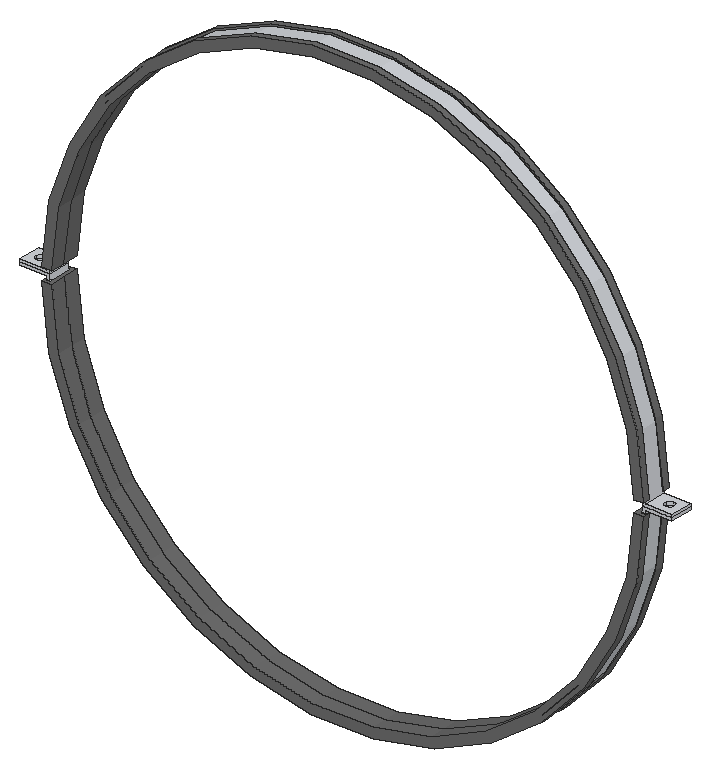
Revit family "Lüftungsrohrschelle, Ø630mm, ohne AG, Gummi", category HLS-Bauteile, Revit 2018
Family settings
  Bemaßung runder Anschluss = Durchmesser verwenden
  Teiletyp = Normal
  Arbeitsebenenbasiert = Ja
  Immer vertikal = Nein
  Beim Laden mit Abzugskörper schneiden = Nein
  Gemeinsam genutzt = Ja
  Raumberechnungspunkt = Nein
Parameters (values of type "Lüftungsrohrschelle, o.AG, o.VS, DN 630, Gummi")
  vpe = "1"
  min. Rohraußendurchmesser = 0 mm
  max. zul. Last vertikal = 0.00 kN
  max. zul. Last horizontal = 0.00 kN
  max. zul. Last = 2.00 kN
  max. Temperaturbeständigkeit = "+100 °C"
  max. Rohraußendurchmesser = 0 mm
  max. Höhe = 621 mm
  für Gewinde = ""
  Default Elevation = 1219.2 mm
  Verschluss-Schraube = ""
  Verschluss = "Mutter / Verschluss-Schraube"
  Stärke Material = 3 mm
  Schalldämmeinlage = "Gummi TPE"
  S = D + 2 * MD + DF2 + DVS  # 686 mm
  Rohraußendurchmesser Zoll = " Zoll"
  Rohraußendurchmesser = 635 mm
  Regelhalter [instance] = ""
  Randabstand Lochung = ""
  RM = R + MD  # 326.5 mm
  R = D0 / 2  # 323.5 mm
  Oberflaeche = "feuerbandverzinkt"
  Nennweite DN Rohr = 630 mm
  Mengeneinheit = "St"
  Materialname = "S235"
  Materialmaße = "25x2,5 mm"
  Material Schalldämmeinlage = "TPE"
  Material = "Stahl"
  MD = 3 mm
  MB = 25 mm
  Lochdurchmesser = "10.5 mm"
  Kurztext2 = "DN 630 ohne Anschluss TPE"
  Kurztext1 = "Lüftungsschelle Standard 25x3"
  Höhe = "657 mm"
  HGA = 0 mm
  H = D + 2 * DS + 2 * MD + AB  # 657 mm
  Gewicht pro Bauteil = Gewicht  # 1.602 kg
  Gewicht = 1.602 kg
  Firma = "MEFA Befestigungs- und Montagesysteme GmbH"
  Farbe Schalldämmeinlage = "Schwarz"
  Fabrikat = "MEFA"
  EAN = "4250928410528"
  Dämmstärke = 6 mm
  DVS = 10 mm
  DS = 6 mm
  DF2 = 35 mm
  DF1 = 25 mm
  D0 = D + 2 * DS  # 647 mm
  D = 635 mm
  Breite Material = "25 mm"
  Breite = 676 mm
  Brandschutz = ""
  Baustoffklasse = "B2"
  Bauart = "zweiteilig"
  B = S + DF1  # 711 mm
  Artikelnummer = "0436300"
  Anschlußhöhe = " mm"
  Anschluss = "ohne Anschluss"
  Achsabstand = "686 mm"
  AB = 4 mm
  A = 0 mm  # constant formula
Reference planes
  plane 1 "Mitte (Vorne/hinten)": y = 0
  plane 2: z = -5
  plane 3 "Mitte (Links/rechts)": x = 0
  plane 4: x = 343
  plane 5: x = -343
  plane 6: x = 355.5
  plane 7: x = -355.5
  plane 8: z = -3
  plane 9: z = -7
  plane 10: z = 321.5
  plane 11: y = 0
Forms (mm)
  Sweep 1, solid, detail levels medium+fine
    path origin (0, 0, 28.791) x (1, 0, 0) y (0, 0, 1)
      loop
        line (355.5, -33.791) -> (323.5, -33.791)
        arc (323.5, -33.791) -> (0, 289.709) -> (-323.5, -33.791) r 323.5
        line (-323.5, -33.791) -> (-355.5, -33.791)
    profile origin (0, 0, 318.5) x (0, 0, -1) y (0, -1, 0)
      loop
        line (-3, -12.5) -> (0, -12.5) -> (0, 12.5) -> (-3, 12.5) -> (-3, -12.5)
  Sweep 2, solid, detail levels medium+fine
    path origin (0, 0, -28.791) x (1, 0, 0) y (0, 0, -1)
      loop
        line (355.5, -23.791) -> (323.5, -23.791)
        arc (323.5, -23.791) -> (0, 299.709) -> (-323.5, -23.791) r 323.5
        line (-323.5, -23.791) -> (-355.5, -23.791)
    profile origin (0, 0, -328.5) x (0, 0, -1) y (0, -1, 0)
      loop
        line (3, -12.5) -> (3, 12.5) -> (0, 12.5) -> (0, -12.5) -> (3, -12.5)
  Extrusion 3, void
    sketch origin (0, 0, -5) x (1, 0, 0) y (0, 1, 0)
      loop
        circle (-343, 0) r 5
      loop
        circle (343, 0) r 5
    from -50 to 50
  Sweep 4, solid, material "TPE", detail levels medium+fine
    path origin (0, 0, 0) x (1, 0, 0) y (0, 0, 1)
      loop
        arc (323.432, 1.629) -> (0, 318.5) -> (-323.432, 1.629) r 323.5
    profile origin (0, 0, 318.5) x (0, 0, -1) y (0, -1, 0)
      loop
        line (0, 0) -> (0, -12.5) -> (-3, -12.5) -> (-3, -10) -> (-5.021, -10) -> (-5.021, -16.985) -> (5.951, -16.985) -> (5.951, 0) -> (5.951, 16.985) -> (-5.021, 16.985) -> (-5.021, 10) -> (-3, 10) -> (-3, 12.5) -> (0, 12.5) -> (0, 0)
  Sweep 5, solid, material "TPE", detail levels medium+fine
    path origin (0, 0, -10) x (1, 0, 0) y (0, 0, -1)
      loop
        arc (323.432, 1.629) -> (0, 318.5) -> (-323.432, 1.629) r 323.5
    profile origin (0, 0, -328.5) x (0, 0, -1) y (0, -1, 0)
      loop
        line (0, 0) -> (0, 12.5) -> (3, 12.5) -> (3, 10) -> (5.021, 10) -> (5.021, 16.985) -> (-5.951, 16.985) -> (-5.951, 0) -> (-5.951, -16.985) -> (5.021, -16.985) -> (5.021, -10) -> (3, -10) -> (3, -12.5) -> (0, -12.5) -> (0, 0)
Cuts and joins
  Extrusion 3 cuts Sweep 1
  Extrusion 3 cuts Sweep 2
Lines and regions (mm)
  model lines, detail levels fine
    curve 1: line (20, 0, -5) -> (-20, 0, -5)
    curve 2: line (0, 0, 15) -> (0, 0, -25)
    curve 3: line (0, 20, -5) -> (0, -20, -5)
    curve 4: line (16.977, 0, 333.5) -> (-18.023, 0, 333.5)
    curve 5: line (0, 0, 350) -> (0, 0, 315)
    curve 6: line (0, 17.5, 332.5) -> (0, -17.5, 332.5)
  model lines, detail levels coarse
    curve 7: circle (0, 0, -5) r 323.5 normal (0, -1, 0)
Dimensions and locks
  equal spacing: plane 5, plane 3 "Mitte (Links/rechts)", plane 4
  equal spacing: plane 7, plane 3 "Mitte (Links/rechts)", plane 6
  "S": plane 5 to plane 4
  "B": plane 7 to plane 6
  equal spacing: Sweep 1 sketch curve, profile plane, Sweep 1 sketch curve
  "MD": Sweep 1 sketch curve to Sweep 1 sketch curve
  "MB": Sweep 1 sketch curve to Sweep 1 sketch curve
  equal spacing: Sweep 2 sketch curve, profile plane, Sweep 2 sketch curve
  "MD": Sweep 2 sketch curve to Sweep 2 sketch curve
  "MB": Sweep 2 sketch curve to Sweep 2 sketch curve
  "AB": plane 9 to plane 8
  equal spacing: plane 9, level, plane 8
  "RM": level to plane 10
  plane 7 to plane 6 = 711 mm
  plane 5 to plane 4 = 686 mm
  "D0": diameter of Sweep 1 sketch curve
  "D0": diameter of Sweep 2 sketch curve
  "DVS": diameter of Extrusion 3 sketch curve  (x2)
  "D0": diameter of Sweep 4 sketch curve
  "D0": diameter of Sweep 5 sketch curve
  diameter of Sweep 4 = 635.098 mm
  "D0": diameter of curve 7
  aligned and locked: level to plane 2
  aligned and locked: curve 1 to level
  aligned and locked: plane 3 "Mitte (Links/rechts)" to curve 2
  aligned and locked: curve 3 to level
  aligned and locked: plane 3 "Mitte (Links/rechts)" to curve 5
  aligned and locked: cut or joined group of Sweep 1, Extrusion 3 to Sweep 4 sketch curve  (x2)
  aligned and locked: cut or joined group of Sweep 2, Extrusion 3 to Sweep 5 sketch curve  (x2)
Automatic sketch dimensions
  plane 1 "Mitte (Vorne/hinten)" to curve 3 = 20 mm
  plane 1 "Mitte (Vorne/hinten)" to curve 6 = 17.5 mm
  curve 6 to plane 1 "Mitte (Vorne/hinten)" = 17.5 mm
  curve 3 to plane 1 "Mitte (Vorne/hinten)" = 20 mm
  plane 10 to curve 6 = 11 mm
  Sweep 1 sketch curve to level = 0 mm
  plane 7 to Sweep 1 sketch curve = 0 mm
  Sweep 1 sketch curve to plane 3 "Mitte (Links/rechts)" = 0 mm
  plane 6 to Sweep 1 sketch curve = 0 mm
  Sweep 2 sketch curve to level = 0 mm
  plane 7 to Sweep 2 sketch curve = 0 mm
  Sweep 2 sketch curve to plane 3 "Mitte (Links/rechts)" = 0 mm
  plane 6 to Sweep 2 sketch curve = 0 mm
  plane 1 "Mitte (Vorne/hinten)" to Extrusion 3 sketch curve = 0 mm  (x2)
  Extrusion 3 sketch curve to plane 5 = 0 mm
  Extrusion 3 sketch curve to plane 4 = 0 mm
  Sweep 4 sketch curve to level = 0 mm
  Sweep 4 sketch curve to plane 3 "Mitte (Links/rechts)" = 0 mm
  plane 8 to Sweep 4 sketch curve = 4.629 mm  (x2)
  Sweep 4 sketch curve to profile plane = 0 mm
  Sweep 4 sketch curve to plane 1 "Mitte (Vorne/hinten)" = 0 mm  (x2)
  Sweep 4 sketch curve to Sweep 4 sketch curve = 3 mm  (x2)
  Sweep 4 sketch curve to Sweep 4 sketch curve = 2.021 mm  (x2)
  Sweep 4 sketch curve to profile plane = 5.951 mm
  Sweep 4 sketch curve to Sweep 4 sketch curve = 2.5 mm  (x2)
  Sweep 4 sketch curve to Sweep 4 sketch curve = 4.485 mm  (x2)
  Sweep 5 sketch curve to level = 0 mm
  Sweep 5 sketch curve to plane 3 "Mitte (Links/rechts)" = 0 mm
  Sweep 5 sketch curve to plane 9 = 4.629 mm  (x2)
  Sweep 5 sketch curve to plane 1 "Mitte (Vorne/hinten)" = 0 mm  (x2)
  Sweep 5 sketch curve to profile plane = 0 mm
  profile plane to Sweep 5 sketch curve = 5.951 mm
  Sweep 5 sketch curve to profile plane = 3 mm  (x2)
  Sweep 5 sketch curve to Sweep 5 sketch curve = 2.021 mm  (x2)
  Sweep 5 sketch curve to Sweep 5 sketch curve = 2.5 mm  (x2)
  Sweep 5 sketch curve to Sweep 5 sketch curve = 4.485 mm  (x2)
  curve 7 to level = 0 mm
  curve 7 to plane 3 "Mitte (Links/rechts)" = 0 mm
  curve 4 to plane 3 "Mitte (Links/rechts)" = 18.023 mm
  curve 1 to plane 3 "Mitte (Links/rechts)" = 20 mm
  plane 3 "Mitte (Links/rechts)" to curve 4 = 16.977 mm
  plane 3 "Mitte (Links/rechts)" to curve 1 = 20 mm
  plane 9 to curve 2 = 18 mm
  plane 8 to curve 2 = 18 mm
  curve 5 to plane 10 = 6.5 mm
  plane 10 to curve 4 = 12 mm
  curve 4 to curve 5 = 16.5 mm
  Sweep 1 sketch curve to profile plane = 0 mm
  Sweep 2 sketch curve to profile plane = 0 mm
